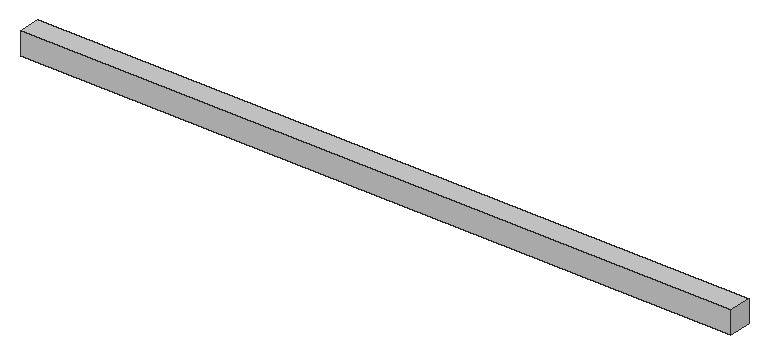
Revit family "f6db1439cd06403593411b23a38673ff", category Structural Framing, Revit 2021
Family settings
  Structural Framing Length Roundoff = 0' - 0"
  Section Shape = Rectangular Bar
  Material for Model Behavior = Steel
  Always export as geometry = No
  Family Name Key = Square Bars
  OmniClass Number = 23.25.30.11.14.14
  OmniClass Title = Beams
  Seek Item ID = Square Bar-0000-USA-ENU
  Always vertical = Yes
  Cut with Voids When Loaded = No
  Symbolic Representation = From Project Settings
  Shared = No
  Show family pre-cut in plan views = Yes
Parameters (values of type "RV 1 1/2")
  Width = 0' - 1 1/2"
  Torsional Moment of Inertia = 0.00 in⁴
  Torsional Modulus = 0.00 in³
  Structural Material [instance] = Steel ASTM A36
  Section Name Key = "RV 1 1/2"
  Section Area = 2.25 in²
  Principal Axes Angle = 0.00°
  Plastic Modulus weak axis = 0.84 in³
  Plastic Modulus strong axis = 0.84 in³
  Perimeter = 6.00 ft²/ft
  Nominal Weight = 0.00 lbf/ft
  Moment of Inertia weak axis = 0.42 in⁴
  Moment of Inertia strong axis = 0.42 in⁴
  Height = 0' - 1 1/2"
  Elastic Modulus weak axis = 0.56 in³
  Elastic Modulus strong axis = 0.56 in³
  Centroid Vertical = Height / 2  # 0.750"
  Centroid Horizontal = Width / 2  # 0.750"
  Assembly Code = "B10"
  Length [instance] = 5' - 0"
Reference planes (in)
  plane 1 "Center (Front/Back)": y = 0
  plane 2: z = 0
  plane 3 "Center (Left/Right)": x = 0.1815
  plane 4 "Member Left": x = -23.8185
  plane 5 "Member Right": x = 24.1815
  plane 6: y = 0.75
  plane 7: y = -0.75
  plane 8 "Top": z = 0.75
  plane 9: z = -0.75
  plane 10 "Left": x = -29.8185
  plane 11 "Right": x = 30.1815
Forms (in)
  Sweep 1, solid, material "Steel ASTM A36" <- "Structural Material", detail levels medium+fine
    path origin (0, 0, 0) x (1, 0, 0) y (0, 1, 0)
      loop
        line (-23.8185, 0) -> (24.1815, 0)
    profile "Square Bar-Profile : Square Bar-Profile" origin (0.1815, 0, 0) x (0, 1, 0) y (0, 0, 1)
      loop
        line (-0.75, 0.75) -> (-0.75, -0.75) -> (0.75, -0.75) -> (0.75, 0.75) -> (-0.75, 0.75)
Lines and regions (in)
  symbolic lines, style "Stick Symbols", detail levels coarse
    curve 1: line (0.1815, -0.75, -0.75) -> (0.1815, 0.75, -0.75)
    curve 2: line (0.1815, 0.75, -0.75) -> (0.1815, 0.75, 0.75)
    curve 3: line (0.1815, 0.75, 0.75) -> (0.1815, -0.75, 0.75)
    curve 4: line (0.1815, -0.75, 0.75) -> (0.1815, -0.75, -0.75)
Dimensions and locks (in)
  "Width": plane 6 to plane 7
  "Height": plane 9 to plane 8 "Top"
  equal spacing: plane 9, plane 2, plane 8 "Top"
  equal spacing: plane 6, plane 1 "Center (Front/Back)", plane 7
  "Length": plane 10 "Left" to plane 11 "Right"
  aligned and locked: plane 4 "Member Left" to Sweep 1 sketch curve
  aligned and locked: plane 1 "Center (Front/Back)" to Sweep 1 sketch curve
  aligned and locked: plane 5 "Member Right" to Sweep 1 sketch curve
Automatic sketch dimensions
  curve 4 to plane 7 = 0' - 0"
  curve 3 to plane 6 = 0' - 0"
  plane 9 to curve 1 = 0' - 0"
  plane 8 "Top" to curve 3 = 0' - 0"
